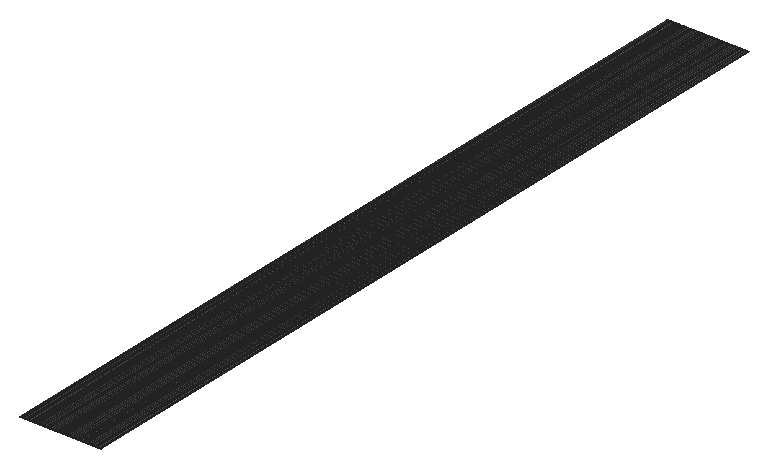
Revit family "111213058058804", category Modelos genéricos, Revit 2018
Family settings
  Puede alojar armadura = No
  Cota de conector redondo = Diámetro de uso
  Tipo de pieza = Normal
  Se basa en plano de trabajo = No
  Siempre vertical = No
  Corte con vacíos al cargar = No
  Compartido = No
  Punto de cálculo de habitación = No
Parameters (values of type "DESCANSO NEO PVC 300MM NEGRO TIRA 3.00")
  Ventajas = "Autoextinguible"
  Uso = "Es un producto que se instala en los descansos de las escaleras, es una solución\r\nfabricada en PVC, ideal para zonas de medio y alto trafico, con estrías antideslizantes.\r\nIdeal para: Edificios Públicos y Privados, Colegios, Universidades, Centros comerciales,\r\nAeropuertos, Hoteles, Edificios Habitacionales, entre otros."
  Unidad = "Tiras de 1.20 Mts y 3.00 Mts."
  URL = "https://www.empresascnp.cl/"
  Num SKUs = "111213058058804"
  Nombre SKU = "DESCANSO NEO PVC 300MM NEGRO TIRA 3MT"
  Modelo = "DESCANSO NEO PVC 300MM"
  Material = PVC flexible negro
  Url Ficha tecnica = "https://empresascnp.cl/wp-content/uploads//pdf/ficha-tecnica-descanso-neo-pvc-300mm-negro-tira-3mt.pdf"
  Largo = 3000.00 mm
  Espesor = 2.00 mm
  Empresa = "CNP SPA."
  Dureza = "80 shore A"
  Dimension = 300.00 mm
  Descripción = "Grada Neo 300x50 MM."
  Contacto = "info@empresascnp.cl"
  Color = "NEGRO"
  Aplicacion = "Escaleras"
  Alto = 50.00 mm
Reference planes
  plane 1 "Center F/B": y = 0
  plane 2: z = 0
  plane 3 "Center L/R": x = 0
  plane 4: z = -50
  plane 5 "2": y = 1500
  plane 6 "3": y = -1500
  plane 7: x = 300
  plane 8: z = -2
  plane 9 "4": x = 2
Forms (mm)
  Extrusion 1, solid, material "PVC flexible negro" <- "Material"
    sketch origin (0, 0, 0) x (1, 0, 0) y (0, 0, 1)
      loop
        line (300, -0.79) -> (299, -0.79) -> (299, 0) -> (297, 0) -> (297, -0.79) -> (296, -0.79) -> (296, 0) -> (294, 0) -> (294, -0.79) -> (293, -0.79) -> (293, 0) -> (291, 0) -> (291, -0.79) -> (287, -0.79) -> (287, 0) -> (285, 0) -> (285, -0.79) -> (284, -0.79) -> (284, 0) -> (282, 0) -> (282, -0.79) -> (281, -0.79) -> (281, 0) -> (279, 0) -> (279, -0.79) -> (278, -0.79) -> (278, 0) -> (276, 0) -> (276, -0.79) -> (272, -0.79) -> (272, 0) -> (270, 0) -> (270, -0.79) -> (269, -0.79) -> (269, 0) -> (267, 0) -> (267, -0.79) -> (266, -0.79) -> (266, 0) -> (264, 0) -> (264, -0.79) -> (263, -0.79) -> (263, 0) -> (261, 0) -> (261, -0.79) -> (257, -0.79) -> (257, 0) -> (255, 0) -> (255, -0.79) -> (254, -0.79) -> (254, 0) -> (252, 0) -> (252, -0.79) -> (251, -0.79) -> (251, 0) -> (249, 0) -> (249, -0.79) -> (248, -0.79) -> (248, 0) -> (246, 0) -> (246, -0.79) -> (242, -0.79) -> (242, 0) -> (240, 0) -> (240, -0.79) -> (239, -0.79) -> (239, 0) -> (237, 0) -> (237, -0.79) -> (236, -0.79) -> (236, 0) -> (234, 0) -> (234, -0.79) -> (233, -0.79) -> (233, 0) -> (231, 0) -> (231, -0.79) -> (227, -0.79) -> (227, 0) -> (225, 0) -> (225, -0.79) -> (224, -0.79) -> (224, 0) -> (222, 0) -> (222, -0.79) -> (221, -0.79) -> (221, 0) -> (219, 0) -> (219, -0.79) -> (218, -0.79) -> (218, 0) -> (216, 0) -> (216, -0.79) -> (212, -0.79) -> (212, 0) -> (210, 0) -> (210, -0.79) -> (209, -0.79) -> (209, 0) -> (207, 0) -> (207, -0.79) -> (206, -0.79) -> (206, 0) -> (204, 0) -> (204, -0.79) -> (203, -0.79) -> (203, 0) -> (201, 0) -> (201, -0.79) -> (197, -0.79) -> (197, 0) -> (195, 0) -> (195, -0.79) -> (194, -0.79) -> (194, 0) -> (192, 0) -> (192, -0.79) -> (191, -0.79) -> (191, 0) -> (189, 0) -> (189, -0.79) -> (188, -0.79) -> (188, 0) -> (186, 0) -> (186, -0.79) -> (182, -0.79) -> (182, 0) -> (180, 0) -> (180, -0.79) -> (179, -0.79) -> (179, 0) -> (177, 0) -> (177, -0.79) -> (176, -0.79) -> (176, 0) -> (174, 0) -> (174, -0.79) -> (173, -0.79) -> (173, 0) -> (171, 0) -> (171, -0.79) -> (167, -0.79) -> (167, 0) -> (165, 0) -> (165, -0.79) -> (164, -0.79) -> (164, 0) -> (162, 0) -> (162, -0.79) -> (161, -0.79) -> (161, 0) -> (159, 0) -> (159, -0.79) -> (158, -0.79) -> (158, 0) -> (156, 0) -> (156, -0.79) -> (152, -0.79) -> (152, 0) -> (150, 0) -> (150, -0.79) -> (149, -0.79) -> (149, 0) -> (147, 0) -> (147, -0.79) -> (146, -0.79) -> (146, 0) -> (144, 0) -> (144, -0.79) -> (143, -0.79) -> (143, 0) -> (141, 0) -> (141, -0.79) -> (137, -0.79) -> (137, 0) -> (135, 0) -> (135, -0.79) -> (134, -0.79) -> (134, 0) -> (132, 0) -> (132, -0.79) -> (131, -0.79) -> (131, 0) -> (129, 0) -> (129, -0.79) -> (128, -0.79) -> (128, 0) -> (126, 0) -> (126, -0.79) -> (122, -0.79) -> (122, 0) -> (120, 0) -> (120, -0.79) -> (119, -0.79) -> (119, 0) -> (117, 0) -> (117, -0.79) -> (116, -0.79) -> (116, 0) -> (114, 0) -> (114, -0.79) -> (113, -0.79) -> (113, 0) -> (111, 0) -> (111, -0.79) -> (107, -0.79) -> (107, 0) -> (105, 0) -> (105, -0.79) -> (104, -0.79) -> (104, 0) -> (102, 0) -> (102, -0.79) -> (101, -0.79) -> (101, 0) -> (99, 0) -> (99, -0.79) -> (98, -0.79) -> (98, 0) -> (96, 0) -> (96, -0.79) -> (92, -0.79) -> (92, 0) -> (90, 0) -> (90, -0.79) -> (89, -0.79) -> (89, 0) -> (87, 0) -> (87, -0.79) -> (86, -0.79) -> (86, 0) -> (84, 0) -> (84, -0.79) -> (83, -0.79) -> (83, 0) -> (81, 0) -> (81, -0.79) -> (77, -0.79) -> (77, 0) -> (75, 0) -> (75, -0.79) -> (74, -0.79) -> (74, 0) -> (72, 0) -> (72, -0.79) -> (71, -0.79) -> (71, 0) -> (69, 0) -> (69, -0.79) -> (68, -0.79) -> (68, 0) -> (66, 0) -> (66, -0.79) -> (62, -0.79) -> (62, 0) -> (60, 0) -> (60, -0.79) -> (59, -0.79) -> (59, 0) -> (57, 0) -> (57, -0.79) -> (56, -0.79) -> (56, 0) -> (54, 0) -> (54, -0.79) -> (53, -0.79) -> (53, 0) -> (51, 0) -> (51, -0.79) -> (47, -0.79) -> (47, 0) -> (45, 0) -> (45, -0.79) -> (44, -0.79) -> (44, 0) -> (42, 0) -> (42, -0.79) -> (41, -0.79) -> (41, 0) -> (39, 0) -> (39, -0.79) -> (38, -0.79) -> (38, 0) -> (36, 0) -> (36, -0.79) -> (32, -0.79) -> (32, 0) -> (30, 0) -> (30, -0.79) -> (29, -0.79) -> (29, 0) -> (27, 0) -> (27, -0.79) -> (26, -0.79) -> (26, 0) -> (24, 0) -> (24, -0.79) -> (23, -0.79) -> (23, 0) -> (21, 0) -> (21, -0.79) -> (17, -0.79) -> (17, 0) -> (15, 0) -> (15, -0.79) -> (14, -0.79) -> (14, 0) -> (12, 0) -> (12, -0.79) -> (11, -0.79) -> (11, 0) -> (9, 0) -> (9, -0.79) -> (8, -0.79) -> (8, 0) -> (6, 0) -> (6, -0.79) -> (2, -0.79) -> (2, 0) -> (0, 0) -> (0, -2) -> (300, -2) -> (300, -0.79)
    from -1500 to 1500
Dimensions and locks
  "Alto": level to plane 4
  equal spacing: plane 6 "3", plane 1 "Center F/B", plane 5 "2"
  "Largo": plane 6 "3" to plane 5 "2"
  "Dimension": plane 7 to plane 3 "Center L/R"
  "Espesor": plane 2 to Extrusion 1 sketch curve
  aligned and locked: plane 6 "3" to Extrusion 1
  aligned and locked: Extrusion 1 to plane 5 "2"
  aligned and locked: Extrusion 1 sketch curve to plane 7
Automatic sketch dimensions
  Extrusion 1 sketch curve to level = 0.00 mm  (x80)
  Extrusion 1 sketch curve to plane 3 "Center L/R" = 0.00 mm
  Extrusion 1 sketch curve to plane 9 "4" = 0.00 mm
  plane 9 "4" to Extrusion 1 sketch curve = 4.00 mm
  Extrusion 1 sketch curve to Extrusion 1 sketch curve = 2.00 mm  (x78)
  Extrusion 1 sketch curve to Extrusion 1 sketch curve = 1.00 mm  (x59)
  Extrusion 1 sketch curve to level = 0.79 mm  (x77)
  Extrusion 1 sketch curve to Extrusion 1 sketch curve = 4.00 mm  (x19)
  Extrusion 1 sketch curve to plane 7 = 1.00 mm
  Extrusion 1 sketch curve to Extrusion 1 sketch curve = 0.79 mm  (x3)
